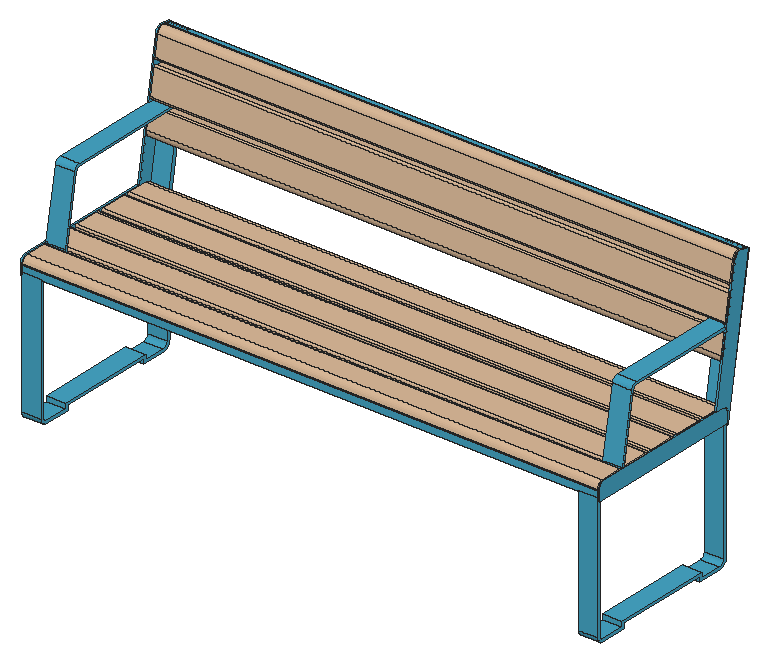
Revit family "product code 61205-S-L", category Meble, Revit 2021
Family settings
  Numer OmniClass = 23.40.20.00
  Tytuł OmniClass = General Furniture and Specialties
  Oparty na płaszczyźnie roboczej = Nie
  Zawsze pionowo = Tak
  Tnij formami wycięć po wczytaniu = Nie
  Współdzielony = Nie
  Punkt obliczania pomieszczeń = Nie
Parameters (values of type "61205-S-L")
  wood = Kobenhagen Wood - Larch
  metal = Kobenhagen RAL 5012
  Width = "58 cm"
  Weight = "60 kg"
  URL = "https://kobenhagen.com/en_US/p/Frederiksberg-4-person-Bench-wArmrest/138"
  Seat height = "45 cm"
  Product line = "Frederiksberg"
  Product Groups = "Sofa Benches"
  Producent = "Lars Laj"
  Keynote = ""
  Opis = "Frederiksberg 4-person Bench w/Armrest"
  Model = "61205-S-L"
  Material = "Larch, stainless steel, powder coated steel"
  Maintenance = "We recommend to examine and tighten all screws and bolt clamps after a few weeks’ use. In order to prevent cracks and to extend the life of the wood, it is recommended that the wood details should be oiled every 3-5 years."
  Lenght = "180 cm"
  Type Comments = ""
  Kobenhagen Materials = "larslaj.com/bim"
  Hosted on larslaj.com = "https://larslaj.com/bim"
  Height = "86 cm"
  Domyślna rzędna = 0 mm
  Copyright = "All designs and drawings are the intellectual property of Lars Laj A/S and are protected by Danish and international copyright laws."
Reference planes
  plane 1 "front": y = 0
  plane 2: z = 0
  plane 3 "Środek (Lewa/Prawa)": x = 0
  plane 4 "left": x = -895
  plane 5 "right": x = 895
  plane 6 "back": y = 575.242
  plane 7: x = -835
  plane 8: x = 835
  plane 9: x = -280.833
  plane 10: x = 285.833
Forms (mm)
  Extrusion 1, solid, material "Kobenhagen Wood - Larch" <- "wood"
    sketch origin (0, -0.031, 21.46) x (0, 1, 0) y (0, 0, 1)
      loop
        arc (260.118, 430.04) -> (256.583, 428.576) -> (255.118, 425.04) r 5
        line (255.118, 425.04) -> (255.118, 388.972)
        arc (255.118, 388.972) -> (255.693, 387.586) -> (257.078, 387.012) r 1.96
        line (257.078, 387.012) -> (342.493, 387.012)
        arc (342.493, 387.012) -> (343.908, 387.598) -> (344.493, 389.012) r 2
        line (344.493, 389.012) -> (344.493, 425.04)
        arc (344.493, 425.04) -> (343.029, 428.576) -> (339.493, 430.04) r 5
        line (339.493, 430.04) -> (260.118, 430.04)
    from -895 to 895
  Extrusion 2, solid, material "Kobenhagen Wood - Larch" <- "wood"
    sketch origin (0, -102.48, 21.46) x (0, 1, 0) y (0, 0, 1)
      loop
        arc (260.118, 430.04) -> (256.583, 428.576) -> (255.118, 425.04) r 5
        line (255.118, 425.04) -> (255.118, 388.972)
        arc (255.118, 388.972) -> (255.693, 387.586) -> (257.078, 387.012) r 1.96
        line (257.078, 387.012) -> (342.493, 387.012)
        arc (342.493, 387.012) -> (343.908, 387.598) -> (344.493, 389.012) r 2
        line (344.493, 389.012) -> (344.493, 425.04)
        arc (344.493, 425.04) -> (343.029, 428.576) -> (339.493, 430.04) r 5
        line (339.493, 430.04) -> (260.118, 430.04)
    from -895 to 895
  Extrusion 3, solid, material "Kobenhagen Wood - Larch" <- "wood"
    sketch origin (0, 102.52, 23.25) x (0, 1, 0) y (0, 0, 1)
      loop
        arc (260.118, 428.25) -> (256.583, 426.786) -> (255.118, 423.25) r 5
        line (255.118, 423.25) -> (255.118, 387.182)
        arc (255.118, 387.182) -> (255.693, 385.796) -> (257.078, 385.222) r 1.96
        line (257.078, 385.222) -> (342.493, 385.222)
        arc (342.493, 385.222) -> (343.908, 385.808) -> (344.493, 387.222) r 2
        line (344.493, 387.222) -> (344.493, 423.25)
        arc (344.493, 423.25) -> (343.029, 426.786) -> (339.493, 428.25) r 5
        line (339.493, 428.25) -> (260.118, 428.25)
    from -895 to 895
  Extrusion 4, solid, material "Kobenhagen Wood - Larch" <- "wood"
    sketch origin (0, 943.724, 450.045) x (0, 0.173648, 0.984808) y (0, -0.984808, 0.173648)
      loop
        arc (260.118, 430.036) -> (256.583, 428.571) -> (255.118, 425.036) r 5
        line (255.118, 425.036) -> (255.118, 389.305)
        arc (255.118, 389.305) -> (255.693, 387.919) -> (257.078, 387.345) r 1.96
        line (257.078, 387.345) -> (340.844, 387.345) -> (341.155, 405.161) -> (343.788, 405.161)
        arc (343.788, 405.161) -> (338.342, 422.56) -> (321.714, 430.036) r 22.231
        line (321.714, 430.036) -> (260.118, 430.036)
    from -895 to 895
  Extrusion 5, solid, material "Kobenhagen Wood - Larch" <- "wood"
    sketch origin (0, 925.653, 348.398) x (0, 0.173648, 0.984808) y (0, -0.984808, 0.173648)
      loop
        arc (260.118, 429.703) -> (256.583, 428.239) -> (255.118, 424.703) r 5
        line (255.118, 424.703) -> (255.118, 388.972)
        arc (255.118, 388.972) -> (255.693, 387.586) -> (257.078, 387.012) r 1.96
        line (257.078, 387.012) -> (342.493, 387.012)
        arc (342.493, 387.012) -> (343.908, 387.598) -> (344.493, 389.012) r 2
        line (344.493, 389.012) -> (344.493, 424.703)
        arc (344.493, 424.703) -> (343.029, 428.239) -> (339.493, 429.703) r 5
        line (339.493, 429.703) -> (260.118, 429.703)
    from -895 to 895
  Extrusion 6, solid, material "Kobenhagen RAL 5012" <- "metal", not visible
    sketch origin (0, 0, 0) x (0, 1, 0) y (0, 0, 1)
      loop
        arc (71.187, 451.5) -> (57.045, 445.642) -> (51.187, 431.5) r 20
        line (51.187, 431.5) -> (51.187, 18.231)
        arc (51.187, 18.231) -> (56.527, 5.34) -> (69.418, 0) r 18.231
        line (69.418, 0) -> (153.638, 0) -> (153.638, 15) -> (448.638, 15) -> (448.638, 0) -> (527.023, 0)
        arc (527.023, 0) -> (542.307, 6.331) -> (548.638, 21.615) r 21.615
        line (548.638, 21.615) -> (548.638, 429.407)
        arc (548.638, 429.407) -> (542.168, 445.029) -> (526.545, 451.5) r 22.093
        line (526.545, 451.5) -> (71.187, 451.5)
    from 750.378 to 745
  Extrusion 7, solid, material "Kobenhagen RAL 5012" <- "metal", not visible
    sketch origin (0, 0, 0) x (0, 1, 0) y (0, 0, 1)
      loop
        line (548.638, 396.844) -> (629.375, 854.725) -> (601.836, 859.581)
        arc (601.836, 859.581) -> (585.224, 855.898) -> (576.082, 841.547) r 22.232
        line (576.082, 841.547) -> (507.306, 451.5) -> (526.545, 451.5)
        arc (526.545, 451.5) -> (542.168, 445.029) -> (548.638, 429.407) r 22.093
        line (548.638, 429.407) -> (548.638, 396.844)
    from 745 to 750.378
  Extrusion 8, solid, material "Kobenhagen RAL 5012" <- "metal"
    sketch origin (-150, 0, 0) x (0, -1, 0) y (0, 0, 1)
      loop
        line (-549.241, 400.262) -> (-51.187, 400.262) -> (-51.187, 431.5)
        arc (-51.187, 431.5) -> (-57.045, 445.642) -> (-71.187, 451.5) r 20
        line (-71.187, 451.5) -> (-507.306, 451.5) -> (-576.082, 841.547)
        arc (-576.082, 841.547) -> (-585.224, 855.898) -> (-601.836, 859.581) r 22.232
        line (-601.836, 859.581) -> (-629.375, 854.725) -> (-549.241, 400.262)
    from 745 to 750.378
  Extrusion 9, solid, material "Kobenhagen RAL 5012" <- "metal"
    sketch origin (0, 0, 0) x (0, 1, 0) y (0, 0, 1)
      loop
        line (548.638, 396.844) -> (629.375, 854.725) -> (621.989, 856.027) -> (543.073, 408.472) -> (51.187, 408.472) -> (51.187, 18.763)
        arc (51.187, 18.763) -> (56.683, 5.495) -> (69.95, 0) r 18.763
        line (69.95, 0) -> (153.638, 0) -> (153.638, 15) -> (448.638, 15) -> (448.638, 0) -> (525.342, 0)
        arc (525.342, 0) -> (541.815, 6.823) -> (548.638, 23.296) r 23.296
        line (548.638, 23.296) -> (548.638, 396.844)
      loop
        line (58.687, 400.262) -> (58.687, 18.763)
        arc (58.687, 18.763) -> (61.986, 10.799) -> (69.95, 7.5) r 11.263
        line (69.95, 7.5) -> (146.138, 7.5) -> (146.138, 22.5) -> (456.138, 22.5) -> (456.138, 7.5) -> (525.342, 7.5)
        arc (525.342, 7.5) -> (536.512, 12.127) -> (541.138, 23.296) r 15.796
        line (541.138, 23.296) -> (541.138, 400.262) -> (58.687, 400.262)
    from -895 to -835
  Extrusion 10, solid, material "Kobenhagen RAL 5012" <- "metal"
    sketch origin (0, 0, 0) x (0, 1, 0) y (0, 0, -1)
      loop
        line (548.638, -396.844) -> (548.638, -23.296)
        arc (548.638, -23.296) -> (541.815, -6.823) -> (525.342, 0) r 23.296
        line (525.342, 0) -> (448.638, 0) -> (448.638, -15) -> (153.638, -15) -> (153.638, 0) -> (69.95, 0)
        arc (69.95, 0) -> (56.683, -5.495) -> (51.187, -18.763) r 18.763
        line (51.187, -18.763) -> (51.187, -408.472) -> (543.073, -408.472) -> (621.989, -856.027) -> (629.375, -854.725) -> (548.638, -396.844)
      loop
        line (58.687, -400.262) -> (541.138, -400.262) -> (541.138, -23.296)
        arc (541.138, -23.296) -> (536.512, -12.127) -> (525.342, -7.5) r 15.796
        line (525.342, -7.5) -> (456.138, -7.5) -> (456.138, -22.5) -> (146.138, -22.5) -> (146.138, -7.5) -> (69.95, -7.5)
        arc (69.95, -7.5) -> (61.986, -10.799) -> (58.687, -18.763) r 11.263
        line (58.687, -18.763) -> (58.687, -400.262)
    from -895 to -835
  Extrusion 11, solid, material "Kobenhagen RAL 5012" <- "metal"
    sketch origin (0, 0, 0) x (0, 1, 0) y (0, 0, 1)
      loop
        line (577.342, 584.001) -> (621.788, 836.065) -> (618.753, 836.601) -> (574.307, 584.536) -> (577.342, 584.001)
      loop
        line (527.869, 408.472) -> (73.545, 408.472) -> (73.545, 405.609) -> (527.869, 405.609) -> (527.869, 408.472)
    from -250.845 to -310.616
  Extrusion 12, solid, material "Kobenhagen RAL 5012" <- "metal"
    sketch origin (0, 0, 0) x (0, 1, 0) y (0, 0, -1)
      loop
        line (577.342, -584.001) -> (574.124, -584.569) -> (621.989, -856.027) -> (625.208, -855.46) -> (577.342, -584.001)
      loop
        line (548.09, -408.472) -> (548.09, -405.609) -> (73.545, -405.609) -> (73.545, -408.472) -> (548.09, -408.472)
    from -255.616 to -315.616
  Extrusion 13, solid, material "Kobenhagen RAL 5012" <- "metal"
    sketch origin (150, 0, 0) x (0, 1, 0) y (0, 0, 1)
      loop
        line (548.638, 396.844) -> (629.375, 854.725) -> (601.836, 859.581)
        arc (601.836, 859.581) -> (585.224, 855.898) -> (576.082, 841.547) r 22.232
        line (576.082, 841.547) -> (507.306, 451.5) -> (526.545, 451.5)
        arc (526.545, 451.5) -> (542.168, 445.029) -> (548.638, 429.407) r 22.093
        line (548.638, 429.407) -> (548.638, 396.844)
    from 745 to 750.378
  Extrusion 14, solid, material "Kobenhagen RAL 5012" <- "metal"
    sketch origin (-600, 0, 0) x (0, 1, 0) y (0, 0, -1)
      loop
        line (201.286, -666.675) -> (591.375, -666.675) -> (590.359, -660.675) -> (201.286, -660.675)
        arc (201.286, -660.675) -> (192.655, -657.664) -> (187.77, -649.936) r 13.876
        line (187.77, -649.936) -> (151.888, -450) -> (151.799, -408.472) -> (145.796, -408.472) -> (145.796, -450) -> (181.888, -651.132)
        arc (181.888, -651.132) -> (188.672, -662.542) -> (201.286, -666.675) r 18.898
    from 235.625 to 295.625
  Extrusion 15, solid, material "Kobenhagen RAL 5012" <- "metal"
    sketch origin (600, 0, 0) x (0, 1, 0) y (0, 0, 1)
      loop
        arc (201.286, 666.675) -> (188.672, 662.542) -> (181.888, 651.132) r 18.898
        line (181.888, 651.132) -> (145.796, 450) -> (145.796, 407) -> (151.796, 407) -> (151.888, 450) -> (187.77, 649.936)
        arc (187.77, 649.936) -> (192.655, 657.664) -> (201.286, 660.675) r 13.876
        line (201.286, 660.675) -> (590.359, 660.675) -> (591.375, 666.675) -> (201.286, 666.675)
    from 235.625 to 295.625
  Extrusion 16, solid, material "Kobenhagen RAL 5012" <- "metal"
    sketch origin (0, 0.452, 0.163) x (0, 1, 0) y (0, 0, 1)
      loop
        line (624.848, 855.34) -> (604.709, 859.052) -> (604.207, 856.208) -> (621.46, 853.027) -> (618.538, 836.456) -> (621.274, 835.952) -> (624.848, 855.34)
    from -895 to 895
  Extrusion 17, solid, material "Kobenhagen Wood - Larch" <- "wood"
    sketch origin (0, 1012.231, 836.612) x (0, -0.173648, -0.984808) y (0, 0.984808, -0.173648)
      loop
        line (260.118, -430.036) -> (321.714, -430.036)
        arc (321.714, -430.036) -> (338.433, -422.457) -> (343.753, -404.888) r 22.231
        line (343.753, -404.888) -> (341.15, -404.888) -> (340.844, -387.345) -> (257.078, -387.345)
        arc (257.078, -387.345) -> (255.693, -387.919) -> (255.118, -389.305) r 1.96
        line (255.118, -389.305) -> (255.118, -425.036)
        arc (255.118, -425.036) -> (256.583, -428.571) -> (260.118, -430.036) r 5
    from -895 to 895
  Extrusion 18, solid, material "Kobenhagen RAL 5012" <- "metal"
    sketch origin (0, 294.718, 1586.623) x (0, 0.934272, -0.356561) y (0, 0.356561, 0.934272)
      loop
        line (624.848, -855.34) -> (621.274, -835.952) -> (618.538, -836.456) -> (621.46, -853.027) -> (604.207, -856.208) -> (604.709, -859.052) -> (624.848, -855.34)
    from -895 to 895
  Extrusion 19, solid, material "Kobenhagen Wood - Larch" <- "wood"
    sketch origin (0, -204.495, 22.143) x (0, 1, 0) y (0, 0, 1)
      loop
        arc (275.801, 429.357) -> (261.616, 423.481) -> (255.74, 409.296) r 20.061
        line (255.74, 409.296) -> (255.74, 407.796) -> (259.646, 407.796) -> (259.646, 387.013) -> (343.118, 387.013)
        arc (343.118, 387.013) -> (344.532, 387.598) -> (345.117, 389.012) r 1.999
        line (345.117, 389.012) -> (345.117, 424.359)
        arc (345.117, 424.359) -> (343.653, 427.893) -> (340.119, 429.357) r 4.998
        line (340.119, 429.357) -> (275.801, 429.357)
    from -895 to 895
  Extrusion 20, solid, material "Kobenhagen RAL 5012" <- "metal"
    sketch origin (0, 511.69, 1359.666) x (0, -0.983564, -0.180562) y (0, 0.180562, -0.983564)
      loop
        line (624.851, 855.356) -> (603.222, 859.327) -> (602.701, 856.485) -> (621.46, 853.027) -> (617.714, 832.619) -> (620.563, 832.094) -> (624.851, 855.356)
    from -895 to 895
  Extrusion 21, solid, material "Kobenhagen Wood - Larch" <- "wood"
    sketch origin (0, 804.377, 20.892) x (0, -1, 0) y (0, 0, -1)
      loop
        line (275.801, -430.608) -> (340.119, -430.608)
        arc (340.119, -430.608) -> (343.653, -429.145) -> (345.117, -425.611) r 4.998
        line (345.117, -425.611) -> (345.117, -389.58)
        arc (345.117, -389.58) -> (344.532, -388.166) -> (343.118, -387.58) r 1.999
        line (343.118, -387.58) -> (259.022, -387.58) -> (259.022, -405.769) -> (255.74, -405.769) -> (255.74, -410.547)
        arc (255.74, -410.547) -> (261.616, -424.733) -> (275.801, -430.608) r 20.061
    from -895 to 895
  Extrusion 22, solid, material "Kobenhagen RAL 5012" <- "metal"
    sketch origin (0, 88.191, 1359.703) x (0, 0.983564, -0.180562) y (0, 0.180562, 0.983564)
      loop
        line (624.848, -855.34) -> (621.052, -834.746) -> (618.201, -835.272) -> (621.462, -853.04) -> (604.207, -856.208) -> (604.729, -859.049) -> (624.848, -855.34)
    from -895 to 895
  Extrusion 23, solid, material "Kobenhagen RAL 5012" <- "metal"
    sketch origin (150, 0, 0) x (0, -1, 0) y (0, 0, -1)
      loop
        line (-549.241, -400.262) -> (-629.375, -854.725) -> (-601.836, -859.581)
        arc (-601.836, -859.581) -> (-585.224, -855.898) -> (-576.082, -841.547) r 22.232
        line (-576.082, -841.547) -> (-507.306, -451.5) -> (-71.187, -451.5)
        arc (-71.187, -451.5) -> (-57.045, -445.642) -> (-51.187, -431.5) r 20
        line (-51.187, -431.5) -> (-51.187, -400.262) -> (-549.241, -400.262)
    from 745 to 750.378
Lines and regions (mm)
  model lines, style "9"
    curve 1: line (-895, -744.003, 0) -> (-895, -750.003, 0)
    curve 2: line (-895, -444.003, 0) -> (-895, -438.003, 0)
Dimensions and locks
  Extrusion 1 sketch curve to Extrusion 1 sketch curve = 89.375 mm
  Extrusion 1 sketch curve to Extrusion 1 sketch curve = 43.028 mm
  Extrusion 2 sketch curve to Extrusion 2 sketch curve = 89.375 mm
  Extrusion 2 sketch curve to Extrusion 2 sketch curve = 43.028 mm
  Extrusion 3 sketch curve to Extrusion 3 sketch curve = 89.375 mm
  Extrusion 3 sketch curve to Extrusion 3 sketch curve = 43.028 mm
  Extrusion 4 sketch curve to Extrusion 4 sketch curve = 42.691 mm
  Extrusion 5 sketch curve to Extrusion 5 sketch curve = 89.375 mm
  Extrusion 5 sketch curve to Extrusion 5 sketch curve = 42.691 mm
  Extrusion 17 sketch curve to Extrusion 17 sketch curve = 42.691 mm
  Extrusion 19 sketch curve to Extrusion 19 sketch curve = 42.344 mm
  Extrusion 21 sketch curve to Extrusion 21 sketch curve = 43.028 mm
  aligned and locked: level to plane 2
  aligned and locked: plane 5 "right" to Extrusion 1
  aligned and locked: Extrusion 1 to plane 4 "left"
  aligned and locked: plane 5 "right" to Extrusion 3
  aligned and locked: plane 5 "right" to Extrusion 2
  aligned and locked: plane 5 "right" to Extrusion 4
  aligned and locked: plane 5 "right" to Extrusion 5
  aligned and locked: Extrusion 4 to plane 4 "left"
  aligned and locked: Extrusion 5 to plane 4 "left"
  aligned and locked: Extrusion 3 to plane 4 "left"
  aligned and locked: Extrusion 2 to plane 4 "left"
  aligned and locked: Extrusion 9 to plane 4 "left"
  aligned and locked: plane 7 to Extrusion 9
  aligned and locked: plane 8 to Extrusion 10
  aligned and locked: plane 5 "right" to Extrusion 10
